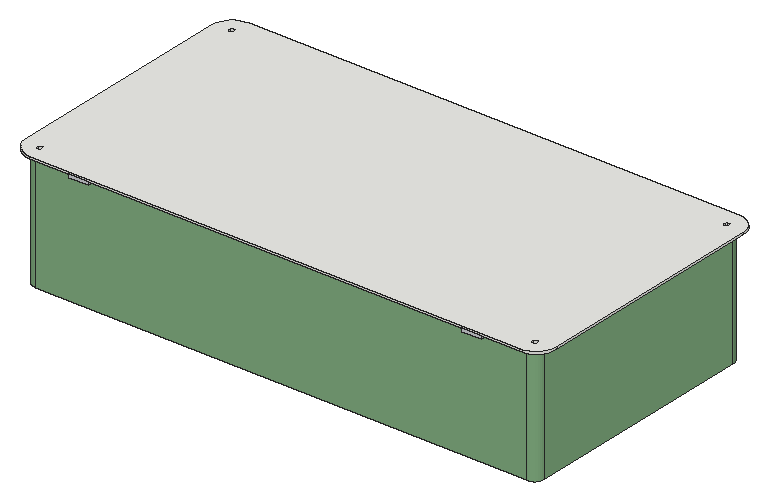
Revit family "Building-FlushMountingEnclosures-GEWISS-48CM-GREENWALL-JUNCTION-BOXES_FLUSH-MOUNTING_HIGH_CAPACITY", category Apparecchi elettrici, host Superficie, Revit 2016
Family settings
  Host = Superficie
  Mantenere orientamento annotazione = Sì
  Tipo di parte = Normale
  Quota connettore circolare = Usa diametro
  Numero OmniClass = 23.80.30.14.24
  Titolo OmniClass = Junction Boxes
  Taglio con vuoti quando caricato = No
  Condiviso = No
  Punto di calcolo locali = Sì
Parameters (values of type "GW48211PM - UPRIGHTS P.B. BOX 520X260X121 PLAIN LID")
  Voltaggio = 0 V
  Version file RFA = "18.0"
  VISTA DI PIANTA [instance] = yes
  URL = "https://www.gewiss.com/ww/en"
  Type of material = "Halogen-free in compliance with EN 60754-2"
  Technical sheet = "https://www.gewiss.com/ww/en/search?q=GW48211PM"
  Shock resistance = "IK07"
  SIMBOLO [instance] = yes
  SEO = "Box"
  Realized by GEWISS S.p.A. = ""
  Produttore = "GEWISS S.p.A."
  Outer dim. LxHxD (mm) = "520x260x121"
  Operating temperature = "-15 ÷ +60°C"
  Modello = "GW48211PM"
  Lid colour = "White RAL 9016"
  Installation = "Flush mounting enclosures"
  Immagine tipo = GW48211PM.jpg
  Tappo = GEWISS - BIANCO RAL 9016
  Scatola = GEWISS - scatola a incasso
  IP degree = "IP40"
  IDT = "02828416-875e-45d8-8135-fffb5b53fa53"
  IDF = "2e85a4a3-2cd7-4bb8-b581-491810878a2a"
  Glow Wire Test = "850°C"
  GEWISS SCHEDA TECNICA = "http://pro.gewiss.com/irj/portal/?NavigationTarget=pcd:portal_content/com.gewiss.ZPPFDMain/com.gewiss.ZPPFDITMain/com.gewiss.ZPPFDITMainDefault/com.gewiss.ZPPFDITPages/com.gewiss.ZPPFDITPagesAP/com.gewiss.ZPPFDITPagesAPCatalogo/com.gewiss.ZPPPDITAPProductDetail&codProd=GW48211PM"
  Default Elevation = 1219.2 mm
  Profondità = 121 mm
  Lunghezza = 520 mm
  Larghezza = 260 mm
  For walls = "Plasterboard"
  Electrocod = "0220"
  EAN code = "8011564801127"
  Distanza orizzontale simbolo [instance] = 146.124 mm
  Distanza dal muro [instance] = 4.208 mm
  Dispersible power (W) = "30"
  Dispersible max power (W) = "30"
  Descrizione = "UPRIGHTS P.B. BOX 520X260X121 PLAIN LID"
  Compartment pre-arrangement = "5"
  Classificazione = Other
  Catalogue Range = "48 CM"
  Catalogue = "BUILDING"
  Carico apparente = 0 VA
  CORNICE SIMBOLO [instance] = yes
  COBie.Tagnumber = ""
  COBie.CreatedOn = ""
  COBie.CreatebBy = ""
  COBie.ComponentRegisterItemID = ""
  COBie.Component.TagNumber = ""
  COBie.Component.Space = ""
  COBie.Component.SerialNumber = ""
  COBie.Component.InstallationDate = ""
  COBie.Component.Description = ""
  COBie.Component.BarCode = ""
  Bordo = 4 mm
Types (2, lengths in mm): name | Technical sheet | Outer dim. LxHxD (mm) | Modello | Immagine tipo | IDT | GEWISS SCHEDA TECNICA | Lunghezza | EAN code | Dispersible power (W) | Dispersible max power (W) | Descrizione | Compartment pre-arrangement
  GW48207PM - UPRIGHTS P.B. BOX 260X260X121 PLAIN LID | "https://www.gewiss.com/ww/en/search?q=GW48207PM" | "260x260x121" | "GW48207PM" | GW48207PM.jpg | "eaef6c35-18b2-4959-86da-626d8c3cc132" | "http://pro.gewiss.com/irj/portal/?NavigationTarget=pcd:portal_content/com.gewiss.ZPPFDMain/com.gewiss.ZPPFDITMain/com.gewiss.ZPPFDITMainDefault/com.gewiss.ZPPFDITPages/com.gewiss.ZPPFDITPagesAP/com.gewiss.ZPPFDITPagesAPCatalogo/com.gewiss.ZPPPDITAPProductDetail&codProd=GW48207PM" | 260 | "8011564801110" | "13" | "13" | "UPRIGHTS P.B. BOX 260X260X121 PLAIN LID" | "2"
  GW48211PM - UPRIGHTS P.B. BOX 520X260X121 PLAIN LID | "https://www.gewiss.com/ww/en/search?q=GW48211PM" | "520x260x121" | "GW48211PM" | GW48211PM.jpg | "02828416-875e-45d8-8135-fffb5b53fa53" | "http://pro.gewiss.com/irj/portal/?NavigationTarget=pcd:portal_content/com.gewiss.ZPPFDMain/com.gewiss.ZPPFDITMain/com.gewiss.ZPPFDITMainDefault/com.gewiss.ZPPFDITPages/com.gewiss.ZPPFDITPagesAP/com.gewiss.ZPPFDITPagesAPCatalogo/com.gewiss.ZPPPDITAPProductDetail&codProd=GW48211PM" | 520 | "8011564801127" | "30" | "30" | "UPRIGHTS P.B. BOX 520X260X121 PLAIN LID" | "5"
Reference planes
  plane 1 "Centro (Fronte/Retro)": y = 0
  plane 2: z = 0
  plane 3 "Centro (Sinistra/Destra)": x = 0
  plane 4: x = -260
  plane 5: y = -130
  plane 6: x = 260
  plane 7: y = 130
  plane 8: y = 127.823
  plane 9: x = 257.823
  plane 10: y = -127.823
  plane 11: x = -257.823
  plane 12: z = -121
  plane 13: x = -251.947
  plane 14: x = 251.947
  plane 15: x = -270
  plane 16: y = -270
  plane 17: x = 270
  plane 18: y = 140
  plane 19: z = 2
  plane 20: y = 138.451
  plane 21: x = -210
  plane 22: x = -190
  plane 23: x = 190
  plane 24: x = 210
  plane 25: y = -138
  plane 26: z = -3
  plane 27: x = -268
  plane 28: x = 268
  plane 29: x = -146.124
Forms (mm)
  Extrusion 1, void
    sketch origin (0, 0, 0) x (1, 0, 0) y (0, 1, 0)
      loop
        arc (268, 120.448) -> (262.727, 133.178) -> (249.997, 138.451) r 18.003
        line (249.997, 138.451) -> (-248.904, 138.451)
        arc (-248.904, 138.451) -> (-262.407, 132.858) -> (-268, 119.355) r 19.096
        line (-268, 119.355) -> (-268, -118.748)
        arc (-268, -118.748) -> (-262.361, -132.361) -> (-248.748, -138) r 19.252
        line (-248.748, -138) -> (249.967, -138)
        arc (249.967, -138) -> (262.718, -132.718) -> (268, -119.967) r 18.033
        line (268, -119.967) -> (268, 120.448)
    from -121 to 0
  Extrusion 2, solid, material "GEWISS - scatola a incasso" <- "Scatola"
    sketch origin (0, 0, 0) x (1, 0, 0) y (0, 1, 0)
      loop
        arc (-249.5, 130) -> (-256.925, 126.925) -> (-260, 119.5) r 10.5
        line (-260, 119.5) -> (-260, -119.5)
        arc (-260, -119.5) -> (-256.925, -126.925) -> (-249.5, -130) r 10.5
        line (-249.5, -130) -> (249.5, -130)
        arc (249.5, -130) -> (256.925, -126.925) -> (260, -119.5) r 10.5
        line (260, -119.5) -> (260, 119.5)
        arc (260, 119.5) -> (256.925, 126.925) -> (249.5, 130) r 10.5
        line (249.5, 130) -> (-249.5, 130)
      loop
        arc (-249.5, 127.823) -> (-255.386, 125.386) -> (-257.823, 119.5) r 8.323
        line (-257.823, 119.5) -> (-257.823, -119.5)
        arc (-257.823, -119.5) -> (-255.386, -125.386) -> (-249.5, -127.823) r 8.323
        line (-249.5, -127.823) -> (249.5, -127.823)
        arc (249.5, -127.823) -> (255.386, -125.386) -> (257.823, -119.5) r 8.323
        line (257.823, -119.5) -> (257.823, 119.5)
        arc (257.823, 119.5) -> (255.386, 125.386) -> (249.5, 127.823) r 8.323
        line (249.5, 127.823) -> (-249.5, 127.823)
    from -121 to 0
  Extrusion 3, solid, material "GEWISS - scatola a incasso" <- "Scatola"
    sketch origin (0, 0, 0) x (1, 0, 0) y (0, 1, 0)
      loop
        line (-257.823, 116.384) -> (-254.592, 116.384)
        arc (-254.592, 116.384) -> (-249.664, 119.157) -> (-246.596, 123.907) r 11.782
        line (-246.596, 123.907) -> (-246.596, 127.823) -> (-249.5, 127.823)
        arc (-249.5, 127.823) -> (-255.386, 125.386) -> (-257.823, 119.5) r 8.323
        line (-257.823, 119.5) -> (-257.823, 116.384)
      loop
        line (257.823, 116.384) -> (257.823, 119.5)
        arc (257.823, 119.5) -> (255.386, 125.386) -> (249.5, 127.823) r 8.323
        line (249.5, 127.823) -> (246.596, 127.823) -> (246.596, 123.907)
        arc (246.596, 123.907) -> (249.664, 119.157) -> (254.592, 116.384) r 11.782
        line (254.592, 116.384) -> (257.823, 116.384)
      loop
        line (-257.823, -116.384) -> (-257.823, -119.5)
        arc (-257.823, -119.5) -> (-255.386, -125.386) -> (-249.5, -127.823) r 8.323
        line (-249.5, -127.823) -> (-246.596, -127.823) -> (-246.596, -123.907)
        arc (-246.596, -123.907) -> (-249.664, -119.157) -> (-254.592, -116.384) r 11.782
        line (-254.592, -116.384) -> (-257.823, -116.384)
      loop
        line (257.823, -116.384) -> (254.592, -116.384)
        arc (254.592, -116.384) -> (249.664, -119.157) -> (246.596, -123.907) r 11.782
        line (246.596, -123.907) -> (246.596, -127.823) -> (249.5, -127.823)
        arc (249.5, -127.823) -> (255.386, -125.386) -> (257.823, -119.5) r 8.323
        line (257.823, -119.5) -> (257.823, -116.384)
    from -2.208 to 0
  Extrusion 4, void
    sketch origin (0, 0, 0) x (1, 0, 0) y (0, 1, 0)
      loop
        circle (-251.947, 122) r 2.408
      loop
        circle (251.947, 122) r 2.408
      loop
        circle (-251.947, -122) r 2.408
      loop
        circle (251.947, -122) r 2.408
    from -2.208 to 2
  Extrusion 5, solid, material "GEWISS - BIANCO RAL 9016" <- "Tappo"
    sketch origin (0, 0, 0) x (1, 0, 0) y (0, 1, 0)
      loop
        arc (-249.5, 140) -> (-263.996, 133.996) -> (-270, 119.5) r 20.5
        line (-270, 119.5) -> (-270, -117.5)
        arc (-270, -117.5) -> (-263.996, -131.996) -> (-249.5, -138) r 20.5
        line (-249.5, -138) -> (249.5, -138)
        arc (249.5, -138) -> (263.996, -131.996) -> (270, -117.5) r 20.5
        line (270, -117.5) -> (270, 119.5)
        arc (270, 119.5) -> (263.996, 133.996) -> (249.5, 140) r 20.5
        line (249.5, 140) -> (-249.5, 140)
    from 0 to 2
  Extrusion 6, void
    sketch origin (0, 0, 0) x (1, 0, 0) y (0, 1, 0)
      loop
        line (-210, 130) -> (-190, 130) -> (-190, 138.451) -> (-210, 138.451) -> (-210, 130)
      loop
        line (210, 130) -> (210, 138.451) -> (190, 138.451) -> (190, 130) -> (210, 130)
      loop
        line (-210, -130) -> (-210, -138) -> (-190, -138) -> (-190, -130) -> (-210, -130)
      loop
        line (210, -130) -> (190, -130) -> (190, -138) -> (210, -138) -> (210, -130)
    from -3 to 0
  Extrusion 7, solid
    sketch origin (0, 0, 0) x (1, 0, 0) y (0, 1, 0)
      loop
        line (-210, 138.451) -> (-210, 130) -> (-190, 130) -> (-190, 138.451) -> (-210, 138.451)
      loop
        line (190, 138.451) -> (190, 130) -> (210, 130) -> (210, 138.451) -> (190, 138.451)
      loop
        line (-210, -138) -> (-190, -138) -> (-190, -130) -> (-210, -130) -> (-210, -138)
      loop
        line (190, -138) -> (210, -138) -> (210, -130) -> (190, -130) -> (190, -138)
    from -3 to 0
Cuts and joins
  Extrusion 4, Extrusion 6 cuts Extrusion 5
Lines and regions (mm)
  Masking region 1, visible <- "VISTA DI PIANTA"
    outline origin (0, 0, 0) x (1, 0, 0) y (0, 0, 1)
      loop
        line (260, 0) -> (-260, 0) -> (-260, -121) -> (260, -121) -> (260, 0)
  model lines
    curve 1: line (249.5, 130, 0) -> (-249.5, 130, 0)
    curve 2: arc (-249.5, 130, 0) -> (-256.925, 126.925, 0) -> (-260, 119.5, 0) r 10.5
    curve 3: line (-260, 119.5, 0) -> (-260, -119.5, 0)
    curve 4: arc (260, 119.5, 0) -> (256.925, 126.925, 0) -> (249.5, 130, 0) r 10.5
    curve 5: line (260, -119.5, 0) -> (260, 119.5, 0)
    curve 6: arc (249.5, -130, 0) -> (256.925, -126.925, 0) -> (260, -119.5, 0) r 10.5
    curve 7: line (-249.5, -130, 0) -> (249.5, -130, 0)
    curve 8: arc (-260, -119.5, 0) -> (-256.925, -126.925, 0) -> (-249.5, -130, 0) r 10.5
Dimensions and locks
  equal spacing: plane 7, plane 1 "Centro (Fronte/Retro)", plane 5
  equal spacing: plane 4, plane 3 "Centro (Sinistra/Destra)", plane 6
  "Lunghezza": plane 4 to plane 6
  "Larghezza": plane 7 to plane 5
  plane 4 to plane 11 = 2.177 mm  (x2)
  plane 9 to plane 6 = 2.177 mm  (x2)
  plane 10 to plane 5 = 2.177 mm
  plane 7 to plane 8 = 2.177 mm
  "Profondità": plane 2 to plane 12
  locked: plane 11 to plane 13 at 5.876
  locked: plane 14 to plane 6 at 8.053
  locked: plane 2 to Extrusion 3 at 2.208
  locked: plane 18 to plane 7 at 10
  locked: plane 15 to plane 4 at 10
  locked: plane 6 to plane 17 at 10
  plane 19 to plane 2 = 2 mm
  plane 4 to plane 21 = 50 mm
  locked: plane 21 to plane 22 at 20
  locked: plane 20 to plane 7 at 8.451
  plane 24 to plane 6 = 50 mm
  locked: plane 23 to plane 24 at 20
  locked: plane 5 to plane 25 at 8
  locked: plane 2 to plane 26 at 3
  locked: plane 27 to plane 4 at 8
  locked: plane 6 to plane 28 at 8
  "Distanza orizzontale simbolo": plane 29 to plane 3 "Centro (Sinistra/Destra)"
  aligned and locked: plane 2 to host face
  aligned and locked: level to host face
  aligned and locked: Extrusion 1 to plane 12
  aligned and locked: plane 2 to Extrusion 1
  aligned and locked: Extrusion 2 sketch curve to plane 4
  aligned and locked: Extrusion 2 sketch curve to plane 11
  aligned and locked: Extrusion 2 sketch curve to plane 10
  aligned and locked: Extrusion 2 sketch curve to plane 5
  aligned and locked: Extrusion 2 sketch curve to plane 6
  aligned and locked: Extrusion 2 sketch curve to plane 9
  aligned and locked: Extrusion 2 sketch curve to plane 8
  aligned and locked: Extrusion 2 sketch curve to plane 7
  aligned and locked: Extrusion 2 to plane 12
  aligned and locked: plane 2 to Extrusion 2
  aligned and locked: plane 11 to Extrusion 3 sketch curve  (x2)
  aligned and locked: Extrusion 3 sketch curve to plane 8  (x2)
  aligned and locked: Extrusion 3 sketch curve to plane 10  (x2)
  aligned and locked: plane 9 to Extrusion 3 sketch curve  (x2)
  aligned and locked: plane 2 to Extrusion 3
  aligned and locked: plane 13 to Extrusion 4 sketch curve
  aligned and locked: Extrusion 4 sketch curve to plane 14
  aligned and locked: plane 14 to Extrusion 4 sketch curve
  aligned and locked: Extrusion 4 sketch curve to plane 13
  aligned and locked: Extrusion 3 to Extrusion 4
  aligned and locked: Extrusion 5 sketch curve to plane 17
  aligned and locked: Extrusion 5 sketch curve to plane 15
  aligned and locked: Extrusion 5 sketch curve to plane 18
  aligned and locked: Extrusion 5 to plane 19
  aligned and locked: Extrusion 4 to plane 19
  aligned and locked: plane 20 to Extrusion 6 sketch curve
  aligned and locked: Extrusion 6 sketch curve to plane 7
  aligned and locked: Extrusion 6 sketch curve to plane 21
  aligned and locked: plane 23 to Extrusion 6 sketch curve
  aligned and locked: Extrusion 6 sketch curve to plane 24
  aligned and locked: Extrusion 6 sketch curve to plane 20
  aligned and locked: plane 7 to Extrusion 6 sketch curve
  aligned and locked: plane 21 to Extrusion 6 sketch curve
  aligned and locked: Extrusion 6 sketch curve to plane 22
  aligned and locked: Extrusion 6 sketch curve to plane 5
  aligned and locked: plane 25 to Extrusion 6 sketch curve
  aligned and locked: Extrusion 6 sketch curve to plane 25
  aligned and locked: Extrusion 6 sketch curve to plane 23
  aligned and locked: plane 24 to Extrusion 6 sketch curve
  aligned and locked: plane 5 to Extrusion 6 sketch curve
  aligned and locked: level to Extrusion 6
  aligned and locked: Extrusion 6 to plane 26
  aligned and locked: Extrusion 1 sketch curve to plane 20
  aligned and locked: Extrusion 1 sketch curve to plane 28
  aligned and locked: plane 27 to Extrusion 1 sketch curve
  aligned and locked: Extrusion 1 sketch curve to plane 25
  aligned and locked: Extrusion 7 sketch curve to plane 20  (x2)
  aligned and locked: plane 21 to Extrusion 7 sketch curve
  aligned and locked: plane 7 to Extrusion 7 sketch curve  (x2)
  aligned and locked: Extrusion 7 sketch curve to plane 22
  aligned and locked: plane 23 to Extrusion 7 sketch curve
  aligned and locked: Extrusion 7 sketch curve to plane 24
  aligned and locked: Extrusion 7 sketch curve to plane 25  (x2)
  aligned and locked: Extrusion 7 sketch curve to plane 21
  aligned and locked: plane 5 to Extrusion 7 sketch curve  (x2)
  aligned and locked: plane 22 to Extrusion 7 sketch curve
  aligned and locked: Extrusion 7 sketch curve to plane 23
  aligned and locked: plane 24 to Extrusion 7 sketch curve
  aligned and locked: Extrusion 7 to plane 26
  aligned and locked: plane 2 to Extrusion 7
  aligned and locked: Extrusion 5 sketch curve to plane 25
  aligned and locked: curve 1 to Extrusion 2
  aligned and locked: curve 3 to Extrusion 2
  aligned and locked: curve 5 to Extrusion 2
  aligned and locked: curve 7 to Extrusion 2
  aligned and locked: Masking region 1 sketch curve to Extrusion 2  (x4)
  aligned and locked: plane 29 to nested 1
Automatic sketch dimensions
  host sketch curve to host sketch curve = 2438.4 mm  (x2)
  Extrusion 2 sketch curve to Extrusion 2 sketch curve = 0 mm  (x13)
  Extrusion 2 sketch curve to plane 9 = 0 mm
  plane 10 to Extrusion 2 sketch curve = 0 mm
  plane 5 to Extrusion 2 sketch curve = 10.5 mm  (x2)
  Extrusion 2 sketch curve to plane 7 = 10.5 mm  (x2)
  plane 4 to Extrusion 2 sketch curve = 10.5 mm
  plane 11 to Extrusion 2 sketch curve = 8.323 mm
  Extrusion 2 sketch curve to plane 6 = 10.5 mm
  plane 11 to Extrusion 2 sketch curve = 0 mm  (x2)
  plane 11 to Extrusion 3 sketch curve = 0.085 mm  (x2)
  Extrusion 3 sketch curve to plane 13 = 2.645 mm  (x2)
  plane 13 to Extrusion 3 sketch curve = 2.447 mm  (x2)
  Extrusion 3 sketch curve to Extrusion 3 sketch curve = 2.904 mm  (x2)
  plane 14 to Extrusion 3 sketch curve = 5.351 mm  (x2)
  plane 14 to Extrusion 3 sketch curve = 2.447 mm  (x2)
  Extrusion 3 sketch curve to plane 14 = 2.645 mm  (x2)
  Extrusion 3 sketch curve to plane 9 = 0.085 mm  (x2)
  plane 10 to Extrusion 3 sketch curve = 0.085 mm  (x2)
  plane 11 to Extrusion 3 sketch curve = 0 mm
  Extrusion 3 sketch curve to Extrusion 3 sketch curve = 0 mm  (x11)
  plane 13 to Extrusion 5 sketch curve = 2.447 mm  (x2)
  plane 14 to Extrusion 5 sketch curve = 2.447 mm  (x2)
  Extrusion 6 sketch curve to plane 22 = 0 mm
  Extrusion 6 sketch curve to plane 20 = 0 mm
  plane 13 to Extrusion 1 sketch curve = 3.043 mm
  plane 14 to Extrusion 1 sketch curve = 1.95 mm
  plane 13 to Extrusion 1 sketch curve = 3.199 mm
  plane 14 to Extrusion 1 sketch curve = 1.98 mm
  Extrusion 3 sketch curve to Extrusion 3 sketch curve = 3.916 mm  (x3)
  plane 10 to Extrusion 3 sketch curve = 3.916 mm
  Extrusion 3 sketch curve to Extrusion 3 sketch curve = 4.407 mm  (x2)
  plane 10 to Extrusion 4 sketch curve = 5.823 mm  (x2)
  Extrusion 3 sketch curve to plane 8 = 11.439 mm  (x2)
  Extrusion 3 sketch curve to Extrusion 3 sketch curve = 3.116 mm  (x2)
  Extrusion 4 sketch curve to plane 8 = 5.823 mm  (x2)
  plane 13 to curve 1 = 2.447 mm
  plane 14 to curve 1 = 2.447 mm
  plane 10 to curve 5 = 8.323 mm
  plane 13 to curve 7 = 2.447 mm
  radius of Extrusion 4 sketch curve = 2.408 mm  (x4)
Nested families
  nested 1: "CASSDERIVAZINC" at (-146.124, 423.093, 0), Distanza dal muro <- "Distanza dal muro", BORDO ACCESO <- "CORNICE SIMBOLO", SIMBOLO ACCESO <- "SIMBOLO", type "CASSETTAINC"
    with SIMBOLO ACCESO yes, Distanza dal muro 4.208 mm, BORDO ACCESO yes
Connectors
  electrical at (0.289, 0.249, -121), driven by "Carico apparente", driven by "Voltaggio", driven by "Classificazione"
    settings: on host face, index 1, voltage 0 V, apparent load 0 VA, apparent load phase1 0 VA, apparent load phase2 0 VA, apparent load phase3 0 VA, power factor 1, load classification "Other", number of poles 1, system type 31, power factor state 1, is connector primary yes, connector utility no, sub classification motor no, connector description ""
Definition of nested family "CASSDERIVAZINC"
  Parameters (values of type "CASSETTAINC")
    SIMBOLO ACCESO [instance] = yes
    Distanza dal muro [instance] = 4.208 mm
    BORDO ACCESO [instance] = yes
  Reference planes
    plane 1: y = 0
    plane 2: x = 0
  Dimensions and locks
    "Distanza dal muro": plane 1 to nested 1
    aligned and locked: plane 2 to nested 1
  Nested families
    nested 1: "CASSDERIVAZINC_BASE" at (0, 4.208, 0), BORDO ACCESO <- "BORDO ACCESO", SIMBOLO ACCESO <- "SIMBOLO ACCESO", type "CASSETTAINC"
      with BORDO ACCESO yes
  Definition of nested family "CASSDERIVAZINC_BASE"
    Parameters (values of type "CASSETTAINC")
      SIMBOLO ACCESO [instance] = yes
      Distanza dal muro = 4.208 mm
      BORDO ACCESO [instance] = yes
    Reference planes
      plane 1: y = 0
      plane 2: x = 0
    Lines and regions (mm)
      detail lines, visible <- "BORDO ACCESO"
        curve 1: line (-1, 2.5, 0) -> (1, 2.5, 0)
        curve 2: line (1, 2.5, 0) -> (1, 0, 0)
        curve 3: line (1, 0, 0) -> (-1, 0, 0)
        curve 4: line (-1, 0, 0) -> (-1, 2.5, 0)
        curve 5: line (-0.9, 2.4, 0) -> (0.9, 2.4, 0)
        curve 6: line (0.9, 2.4, 0) -> (0.9, 0.1, 0)
        curve 7: line (0.9, 0.1, 0) -> (-0.9, 0.1, 0)
        curve 8: line (-0.9, 0.1, 0) -> (-0.9, 2.4, 0)
      detail lines, visible <- "BORDO ACCESO", not visible
        curve 9: line (-2.443, 10.208, 0) -> (2.057, 10.208, 0)
        curve 10: line (2.057, 10.208, 0) -> (2.057, 4.208, 0)
        curve 11: line (2.057, 4.208, 0) -> (-2.443, 4.208, 0)
        curve 12: line (-2.443, 4.208, 0) -> (-2.443, 10.208, 0)
        curve 13: line (-2.043, 9.808, 0) -> (1.657, 9.808, 0)
        curve 14: line (1.657, 9.808, 0) -> (1.657, 4.608, 0)
        curve 15: line (1.657, 4.608, 0) -> (-2.043, 4.608, 0)
        curve 16: line (-2.043, 4.608, 0) -> (-2.043, 9.808, 0)
      detail lines, visible <- "SIMBOLO ACCESO"
        curve 17: circle (0, 1.25, 0) r 0.1 normal (0, 0, 1)
        curve 18: circle (0, 1.25, 0) r 0.809 normal (0, 0, 1)
    Dimensions and locks
      aligned and locked: curve 3 to plane 1
